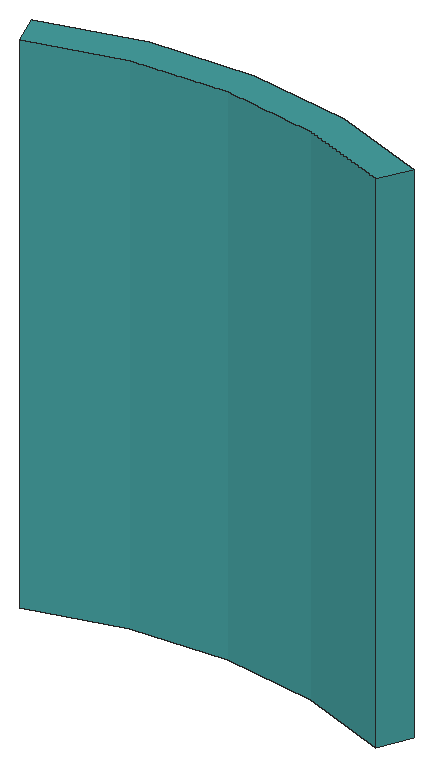
Revit family "EXP_WT-2_CPan-009", category Curtain Panels, Revit 2021
Family settings
  OmniClass Number = 23.25.20.14.11.11.17
  OmniClass Title = Infill Panels
  Always vertical = Yes
  Cut with Voids When Loaded = Yes
  Shared = No
Parameters (values of type "R= 12' 5"")
  UI-UnitNumber [instance] = "001"
  UI-Quadrant [instance] = "SE"
  UI-ProjectAbbreviation = "NEU"
  UI-ItemCategory = "PID"
  UI-FloorNumber [instance] = "03"
  PNT-WallType = "WT2"
  PNT-ProjectAbbreviation = "NEU"
  PNT-PanelType [instance] = "01"
  PNT-ItemCategory = "PNL"
  GlassH1 [instance] = IG-2C(Glass)
  Description = "Curve"
  Define Thermal Properties by = Schematic Type
  CellSp = 0' - 10 3/16"
  CellRayIN [instance] = CellRayEX - CellSp  # 11' - 6 13/16"
  CellRayEX = 12' - 5"
  CellLArch [instance] = 10' - 1.44402"
  CellH1 [instance] = CellH  # 13' - 1.48031"
  CellH [instance] = 13' - 1.48031"
  Analytic Construction = "<None>"
Types (2): name | CellRayIN | CellRayEX | CellLArch
  R= 12' 5" | 11' - 6 13/16" | 12' - 5" | 10' - 1.44402"
  R= 10' 6" | 9' - 7 13/16" | 10' - 6" | 10' - 2.92782"
Reference planes (in)
  plane 1 "Center (Front/Back)": y = 0
  plane 2: z = 0
  plane 3 "Center (Left/Right)": x = 0
  plane 4 "Left": x = -59.05512
  plane 5 "Right": x = 59.05512
  plane 6 "Top": z = 157.48031
Forms (in)
  Extrusion 1, solid, material "IG-2C(Glass)" <- "GlassH1"
    sketch origin (0, 0, 0) x (1, 0, 0) y (0, 1, 0)
      loop
        line (-59.05512, 0) -> (-55.01737, -9.35317)
        arc (-55.01737, -9.35317) -> (0, 2.01523) -> (55.01737, -9.35317) r 138.8125
        line (55.01737, -9.35317) -> (59.05512, 0)
        arc (59.05512, 0) -> (0, 12.20273) -> (-59.05512, 0) r 149
    from 0 to 157.48031
Lines and regions (in)
  reference lines
    curve 1: line (59.05512, 0, 0) -> (0, -136.79727, 0)
    curve 2: line (-59.05512, 0, 0) -> (0, -136.79727, 0)
    curve 3: line (59.05512, 0, 0) -> (34.476, 10.61076, 0)
    curve 4: line (-59.05512, 0, 0) -> (-32.30725, 11.547, 0)
  model lines
    curve 5: arc (-59.05512, 0, 0) -> (0, 12.20273, 0) -> (59.05512, 0, 0) r 149
    curve 6: line (-59.05512, 0, 0) -> (-55.01737, -9.35317, 0)
    curve 7: line (59.05512, 0, 0) -> (55.01737, -9.35317, 0)
    curve 8: arc (55.01737, -9.35317, 0) -> (0, 2.01523, 0) -> (-55.01737, -9.35317, 0) r 138.8125
Text (in)
  text "Exterior" at (-92.59733, 55.75508, 0), in view "Ref. Level"
  text "Exterior" at (0, 90.18664, 173.49264), in view "Left"
  text "Exterior" at (0, 52.29083, 162.21847), in view "Right"
Dimensions and locks (in)
  equal spacing: plane 4 "Left", plane 3 "Center (Left/Right)", plane 5 "Right"
  "CellRayEX": curve 2 to curve 2
  "CellRayEX": curve 2 to curve 1
  "CellSp": curve 6 to curve 6
  "CellSp": curve 7 to curve 7
  "CellH": plane 2 to plane 6 "Top"
  "CellRayEX": radius of curve 5
  locked: curve 2 to curve 4 (angle 90.00°)
  locked: curve 3 to curve 1 (angle 90.00°)
  "CellLArch": arc length of Extrusion 1  (x2)
  aligned and locked: level to plane 2
  aligned and locked: curve 6 to curve 2
  aligned and locked: curve 7 to curve 1
  aligned and locked: Extrusion 1 sketch curve to curve 5
  aligned and locked: Extrusion 1 sketch curve to curve 8
  aligned and locked: Extrusion 1 sketch curve to curve 7
  aligned and locked: Extrusion 1 sketch curve to curve 6
  aligned and locked: Extrusion 1 to level
  aligned and locked: Extrusion 1 to plane 6 "Top"
Automatic sketch dimensions
  curve 5 to curve 8 = 0' - 0"
  plane 1 "Center (Front/Back)" to curve 5 = 0' - 0"
  curve 8 to plane 3 "Center (Left/Right)" = 0' - 0"
  plane 1 "Center (Front/Back)" to curve 4 = 0' - 0"
  curve 4 to plane 4 "Left" = 0' - 0"
  curve 2 to plane 3 "Center (Left/Right)" = 0' - 0"
  plane 1 "Center (Front/Back)" to curve 3 = 0' - 0"
